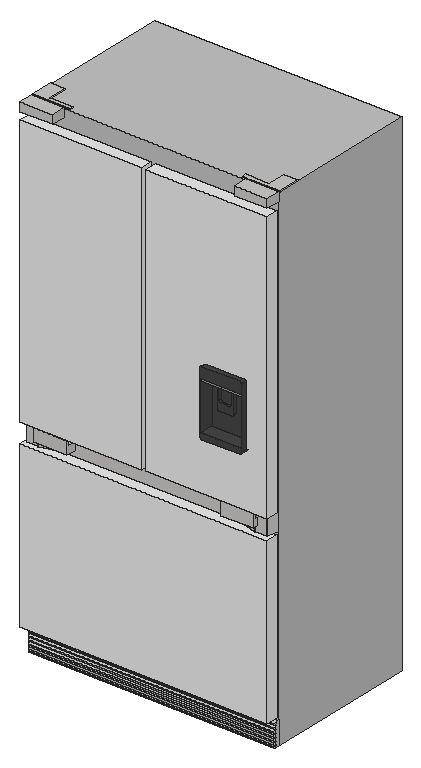
Revit family "FP_Revit_18_RS90AU1_Fridge_90001177A", category Specialty Equipment, Revit 2018 (continued)
Definition of nested family "F&P Handle Kit - Contemporary Round - Horizontal"
  Lines and regions (mm)
    sketch lines
      curve 5: arc (-373, -32.3, 8.7) -> (-373, -41, 0) -> (-373, -32.3, -8.7) r 8.7
      curve 6: line (-373, 0, -8.7) -> (-373, -32.3, -8.7)
  Dimensions and locks
    equal spacing: plane 4 "Product LHS", plane 3 "Center (Left/Right)", plane 5 "Product RHS"
    "Product - Width": plane 4 "Product LHS" to plane 5 "Product RHS"
    locked: plane 4 "Product LHS" to plane 6 "LHS Standoff" at 120.005
    locked: plane 7 "RHS Standoff" to plane 5 "Product RHS" at 119.995
    equal spacing: Extrusion 2 sketch curve, level, Extrusion 2 sketch curve
    Extrusion 3 sketch curve to Extrusion 3 sketch curve = 17.4 mm
    Extrusion 6 sketch curve to Extrusion 6 sketch curve = 17.4 mm
    Extrusion 7 sketch curve to Extrusion 7 sketch curve = 17.4 mm
    aligned and locked: level to plane 2
    aligned and locked: plane 7 "RHS Standoff" to Extrusion 1
    aligned and locked: Extrusion 2 to Extrusion 1
    aligned and locked: Extrusion 2 to plane 5 "Product RHS"
    aligned and locked: plane 4 "Product LHS" to Extrusion 3
    aligned and locked: plane 6 "LHS Standoff" to Extrusion 3
    aligned and locked: Extrusion 1 to plane 6 "LHS Standoff"
    aligned and locked: Extrusion 6 to Extrusion 1
    aligned and locked: Extrusion 6 to plane 5 "Product RHS"
    aligned and locked: plane 4 "Product LHS" to Extrusion 7
    aligned and locked: Extrusion 7 to Extrusion 1
  Automatic sketch dimensions
    Extrusion 1 sketch curve to level = 0 mm
    plane 1 "Center (Front/Back)" to Extrusion 1 sketch curve = 32.3 mm
    Extrusion 2 sketch curve to plane 1 "Center (Front/Back)" = 0 mm
    Extrusion 2 sketch curve to level = 8.7 mm
    plane 1 "Center (Front/Back)" to Extrusion 2 sketch curve = 32.3 mm
    Extrusion 3 sketch curve to level = 0 mm
    Extrusion 3 sketch curve to plane 1 "Center (Front/Back)" = 0 mm
    Extrusion 3 sketch curve to level = 8.7 mm
    plane 1 "Center (Front/Back)" to Extrusion 3 sketch curve = 32.3 mm
    Sweep 4 sketch curve to profile plane = 0 mm
    profile plane to Sweep 4 sketch curve = 0 mm
    profile plane to Sweep 4 sketch curve = 1 mm
    Sweep 4 sketch curve to profile plane = 1 mm
    Sweep 5 sketch curve to profile plane = 0 mm  (x2)
    profile plane to Sweep 5 sketch curve = 1 mm
    Sweep 5 sketch curve to profile plane = 1 mm
    Extrusion 6 sketch curve to level = 0 mm
    level to Extrusion 6 sketch curve = 8.7 mm
    plane 1 "Center (Front/Back)" to Extrusion 6 sketch curve = 32.3 mm
    Extrusion 6 sketch curve to Extrusion 6 sketch curve = 32.3 mm
    Extrusion 7 sketch curve to level = 0 mm
    level to Extrusion 7 sketch curve = 8.7 mm
    plane 1 "Center (Front/Back)" to Extrusion 7 sketch curve = 32.3 mm
    Extrusion 7 sketch curve to Extrusion 7 sketch curve = 32.3 mm
    radius of Extrusion 1 sketch curve = 8.7 mm
Definition of nested family "F&P Handle Kit - Contemporary Round - Vertical"
  Parameters (values of type "25374 AHS-ASBI-A - Contemporary round handle (1 of 2) (Vertical) 727mm")
    URL = "www.fisherpaykel.com"
    Material - Handle = none
    Manufacturer = "Fisher & Paykel Appliances"
    Handle - Length = 727 mm
    Description = "Kit for RS36"
  Types (10, lengths in mm): name | Handle - Length | Description
    AHS-RD21 - Contemporary round handle (Vertical) 852mm | 852 | ""
    AHSRD2484W - Contemporary round handle (1 of 2) (Vertical) 727mm | 727 | ""
    AHSRD3084W - Contemporary round handle (1 of 2) (Vertical) 727mm | 727 | ""
    AHS-RD84 - Contemporary round handle (Vertical) 852mm | 852 | ""
    AHSRS3272A - Contemporary round handle (1 of 2) (Vertical) 727mm | 727 | ""
    AHSRS80A - Contemporary round handle (1 of 2) (Vertical) 727mm | 727 | ""
    AHSRD6121W - Contemporary round handle (1 of 2) (Vertical) 727mm | 727 | ""
    AHSRD7621W - Contemporary round handle (1 of 2) (Vertical) 727mm | 727 | ""
    25329 AHS-ASBI-A - Contemporary round handle (1 of 2) (Vertical) 727mm | 727 | "Kit for RS90"
    25374 AHS-ASBI-A - Contemporary round handle (1 of 2) (Vertical) 727mm | 727 | "Kit for RS36"
  Reference planes
    plane 1 "Center (Front/Back)": y = 0
    plane 2: z = 0
    plane 3 "Center (Left/Right)": x = 0
    plane 4 "Top": z = 363.5
    plane 5 "Bottom": z = -363.5
    plane 6 "Top Standoff": z = 243.5
    plane 7 "Bottom Standoff": z = -243.5
  Forms (mm)
    Extrusion 1, solid, material <- "Material - Handle"
      sketch origin (0, 0, 0) x (1, 0, 0) y (0, 1, 0)
        loop
          circle (0, -32.3) r 8.7
      from -243.5 to 243.5
    Extrusion 2, solid, material <- "Material - Handle", detail levels fine
      sketch origin (0, 0, 0) x (1, 0, 0) y (0, 1, 0)
        loop
          line (-8.7, 0) -> (-8.7, -32.3)
          arc (-8.7, -32.3) -> (0, -41) -> (8.7, -32.3) r 8.7
          line (8.7, -32.3) -> (8.7, 0) -> (-8.7, 0)
      from 243.5 to 363.5
    Extrusion 3, solid, material <- "Material - Handle", detail levels fine
      sketch origin (0, 0, 0) x (1, 0, 0) y (0, 1, 0)
        loop
          line (-8.7, 0) -> (-8.7, -32.3)
          arc (-8.7, -32.3) -> (0, -41) -> (8.7, -32.3) r 8.7
          line (8.7, -32.3) -> (8.7, 0) -> (-8.7, 0)
      from -363.5 to -243.5
    Sweep 4, void
      path in 3D
        loop
          line (8.7, 0, -363.5) -> (8.7, -32.3, -363.5)
          arc (8.7, -32.3, -363.5) -> (0, -41, -363.5) -> (-8.7, -32.3, -363.5) r 8.7
          line (-8.7, -32.3, -363.5) -> (-8.7, 0, -363.5)
      profile origin (8.7, -16.15, -363.5) x (-1, 0, 0) y (0, 0, -1)
        loop
          line (0, 0) -> (0, -1) -> (1, 0) -> (0, 0)
    Sweep 5, void
      path in 3D
        loop
          line (-8.7, 0, 363.5) -> (-8.7, -32.3, 363.5)
          arc (-8.7, -32.3, 363.5) -> (0, -41, 363.5) -> (8.7, -32.3, 363.5) r 8.7
          line (8.7, -32.3, 363.5) -> (8.7, 0, 363.5)
      profile origin (8.7, -16.15, 363.5) x (-1, 0, 0) y (0, 0, 1)
        loop
          line (0, 0) -> (0, -1) -> (1, 0) -> (0, 0)
    Extrusion 6, solid, material <- "Material - Handle", detail levels coarse+medium
      sketch origin (0, 0, 0) x (1, 0, 0) y (0, 1, 0)
        loop
          line (-8.7, 0) -> (-8.7, -32.3)
          arc (-8.7, -32.3) -> (0, -41) -> (8.7, -32.3) r 8.7
          line (8.7, -32.3) -> (8.7, 0) -> (-8.7, 0)
      from 243.5 to 363.5
    Extrusion 7, solid, material <- "Material - Handle", detail levels coarse+medium
      sketch origin (0, 0, 0) x (1, 0, 0) y (0, 1, 0)
        loop
          line (-8.7, 0) -> (-8.7, -32.3)
          arc (-8.7, -32.3) -> (0, -41) -> (8.7, -32.3) r 8.7
          line (8.7, -32.3) -> (8.7, 0) -> (-8.7, 0)
      from -363.5 to -243.5
  Cuts and joins
    Sweep 4 cuts Extrusion 3
    Sweep 5 cuts Extrusion 2
  Lines and regions (mm)
    sketch lines
      curve 1: line (8.7, 0, -363.5) -> (8.7, -32.3, -363.5)
      curve 2: arc (-8.7, -32.3, -363.5) -> (0, -41, -363.5) -> (8.7, -32.3, -363.5) r 8.7
      curve 3: line (-8.7, -32.3, -363.5) -> (-8.7, 0, -363.5)
      curve 4: line (8.7, -32.3, 363.5) -> (8.7, 0, 363.5)
      curve 5: arc (8.7, -32.3, 363.5) -> (0, -41, 363.5) -> (-8.7, -32.3, 363.5) r 8.7
      curve 6: line (-8.7, 0, 363.5) -> (-8.7, -32.3, 363.5)
  Dimensions and locks
    equal spacing: plane 4 "Top", level, plane 5 "Bottom"
    "Handle - Length": plane 4 "Top" to plane 5 "Bottom"
    locked: plane 4 "Top" to plane 6 "Top Standoff" at 120
    locked: plane 7 "Bottom Standoff" to plane 5 "Bottom" at 120
    Extrusion 2 sketch curve to Extrusion 2 sketch curve = 17.4 mm
    Extrusion 3 sketch curve to Extrusion 3 sketch curve = 17.4 mm
    Extrusion 6 sketch curve to Extrusion 6 sketch curve = 17.4 mm
    Extrusion 7 sketch curve to Extrusion 7 sketch curve = 17.4 mm
    aligned and locked: level to plane 2
    aligned and locked: plane 4 "Top" to Extrusion 2
    aligned and locked: Extrusion 3 to plane 5 "Bottom"
    aligned and locked: plane 7 "Bottom Standoff" to Extrusion 3
    aligned and locked: Extrusion 1 to plane 7 "Bottom Standoff"
    aligned and locked: plane 6 "Top Standoff" to Extrusion 1
    aligned and locked: Extrusion 2 to Extrusion 1
    aligned and locked: Extrusion 6 to Extrusion 1
    aligned and locked: plane 4 "Top" to Extrusion 6
    aligned and locked: Extrusion 7 to Extrusion 1
    aligned and locked: Extrusion 7 to plane 5 "Bottom"
  Automatic sketch dimensions
    Extrusion 1 sketch curve to plane 3 "Center (Left/Right)" = 0 mm
    plane 1 "Center (Front/Back)" to Extrusion 1 sketch curve = 32.3 mm
    plane 1 "Center (Front/Back)" to Extrusion 2 sketch curve = 0 mm
    Extrusion 2 sketch curve to plane 3 "Center (Left/Right)" = 0 mm
    Extrusion 2 sketch curve to plane 3 "Center (Left/Right)" = 8.7 mm
    plane 1 "Center (Front/Back)" to Extrusion 2 sketch curve = 32.3 mm
    plane 1 "Center (Front/Back)" to Extrusion 3 sketch curve = 0 mm
    Extrusion 3 sketch curve to plane 3 "Center (Left/Right)" = 0 mm
    Extrusion 3 sketch curve to plane 3 "Center (Left/Right)" = 8.7 mm
    plane 1 "Center (Front/Back)" to Extrusion 3 sketch curve = 32.3 mm
    Sweep 4 sketch curve to profile plane = 0 mm  (x2)
    Sweep 4 sketch curve to profile plane = 1 mm  (x2)
    Sweep 5 sketch curve to profile plane = 0 mm  (x2)
    Sweep 5 sketch curve to profile plane = 1 mm  (x2)
    Extrusion 6 sketch curve to plane 3 "Center (Left/Right)" = 0 mm
    Extrusion 6 sketch curve to plane 3 "Center (Left/Right)" = 8.7 mm
    plane 1 "Center (Front/Back)" to Extrusion 6 sketch curve = 32.3 mm
    Extrusion 6 sketch curve to Extrusion 6 sketch curve = 32.3 mm
    Extrusion 7 sketch curve to plane 3 "Center (Left/Right)" = 0 mm
    Extrusion 7 sketch curve to plane 3 "Center (Left/Right)" = 8.7 mm
    plane 1 "Center (Front/Back)" to Extrusion 7 sketch curve = 32.3 mm
    Extrusion 7 sketch curve to Extrusion 7 sketch curve = 32.3 mm
    radius of Extrusion 1 sketch curve = 8.7 mm
Definition of nested family "F&P Handle Kit - Contemporary Square Fine - Horizontal"
  Parameters (values of type "AHD5RD80AB - Contemporary square fine black handle (2 of 2) (Horizontal) 646mm")
    URL = "www.fisherpaykel.com"
    Material - Handle = none
    Manufacturer = "Fisher & Paykel Appliances"
    Handle - Length = 646 mm
  Types (14, lengths in mm): name | Handle - Length
    AHD5RD2484W - Contemporary square fine handle (2 of 2) (Horizontal) 494mm | 494
    AHD5RD2484WB - Contemporary square fine black handle (2 of 2) (Horizontal) 494mm | 494
    AHD5RD3084W - Contemporary square fine handle (2 of 2) (Horizontal) 646mm | 646
    AHD5RD3084WB - Contemporary square fine black handle (2 of 2) (Horizontal) 646mm | 646
    AHD5RD7621W - Contemporary square fine handle (2 of 2) (Horizontal) 646mm | 646
    AHD5RD7621WB - Contemporary square fine handle black (2 of 2) (Horizontal) 646mm | 646
    AHD5RD6121W - Contemporary square fine handle (2 of 2) (Horizontal) 494mm | 494
    AHD5RD6121WB - Contemporary square fine handle black (2 of 2) (Horizontal) 494mm | 494
    AHD5RD36A - Contemporary square fine handle (2 of 2) (Horizontal) 746mm | 746
    AHD5RD36AB - Contemporary square fine black handle (2 of 2) (Horizontal) 746mm | 746
    AHD5RD90A - Contemporary square fine handle (2 of 2) (Horizontal) 746mm | 746
    AHD5RD80A - Contemporary square fine handle (2 of 2) (Horizontal) 646mm | 646
    AHD5RD80AB - Contemporary square fine black handle (2 of 2) (Horizontal) 646mm | 646
    AHD5RD90AB - Contemporary square fine black handle (2 of 2) (Horizontal) 746mm | 746
  Reference planes
    plane 1 "Center (Front/Back)": y = 0
    plane 2: z = 0
    plane 3 "Center (Left/Right)": x = 0
    plane 4 "Product LHS": x = -323
    plane 5 "Product RHS": x = 323
    plane 6 "LHS Standoff": x = -202.995
    plane 7 "RHS Standoff": x = 203.005
  Forms (mm)
    Extrusion 1, solid, material <- "Material - Handle", detail levels fine
      sketch origin (0, 0, 0) x (0, 1, 0) y (0, 0, 1)
        loop
          arc (-26.813, 6.16) -> (-27.196, 6.554) -> (-27.728, 6.686) r 1
          line (-27.728, 6.686) -> (-40.035, 6.256)
          arc (-40.035, 6.256) -> (-40.719, 5.951) -> (-41, 5.257) r 1
          line (-41, 5.257) -> (-41, -5.257)
          arc (-41, -5.257) -> (-40.719, -5.951) -> (-40.035, -6.256) r 1
          line (-40.035, -6.256) -> (-27.709, -6.686)
          arc (-27.709, -6.686) -> (-27.175, -6.554) -> (-26.792, -6.158) r 1
          arc (-26.792, -6.158) -> (-25.256, 0.004) -> (-26.813, 6.16) r 13.038
      from -323 to 323
    Extrusion 2, solid, material <- "Material - Handle", detail levels fine
      sketch origin (0, 0, 0) x (0, 1, 0) y (0, 0, 1)
        loop
          arc (-26.626, -6.008) -> (-26.614, -6.49) -> (-26.2, -6.737) r 0.5
          line (-26.2, -6.737) -> (0, -7.696) -> (0, 7.704) -> (-26.174, 6.747)
          arc (-26.174, 6.747) -> (-26.587, 6.5) -> (-26.6, 6.019) r 0.5
          arc (-26.6, 6.019) -> (-25.156, 0.002) -> (-26.626, -6.008) r 13.136
      from 203.005 to 323
    Extrusion 3, solid, material <- "Material - Handle", detail levels coarse+medium
      sketch origin (0, 0, 0) x (1, 0, 0) y (0, 1, 0)
        loop
          line (-323, -42) -> (323, -42) -> (323, 0) -> (203.005, 0) -> (203.005, -26.156) -> (-202.995, -26.156) -> (-202.995, 0) -> (-323, 0) -> (-323, -42)
      from -8.022 to 7.978
    Extrusion 4, solid, material <- "Material - Handle", detail levels fine
      sketch origin (0, 0, 0) x (0, 1, 0) y (0, 0, 1)
        loop
          arc (-26.626, -6.008) -> (-26.614, -6.49) -> (-26.2, -6.737) r 0.5
          line (-26.2, -6.737) -> (0, -7.696) -> (0, 7.704) -> (-26.174, 6.747)
          arc (-26.174, 6.747) -> (-26.587, 6.5) -> (-26.6, 6.019) r 0.5
          arc (-26.6, 6.019) -> (-25.156, 0.002) -> (-26.626, -6.008) r 13.136
      from -323 to -202.995
  Dimensions and locks
    equal spacing: plane 4 "Product LHS", plane 3 "Center (Left/Right)", plane 5 "Product RHS"
    "Handle - Length": plane 4 "Product LHS" to plane 5 "Product RHS"
    locked: plane 4 "Product LHS" to plane 6 "LHS Standoff" at 120.005
    locked: plane 7 "RHS Standoff" to plane 5 "Product RHS" at 119.995
    aligned and locked: level to plane 2
    aligned and locked: Extrusion 1 to plane 5 "Product RHS"
    aligned and locked: plane 4 "Product LHS" to Extrusion 1
    aligned and locked: Extrusion 2 to plane 5 "Product RHS"
    aligned and locked: plane 4 "Product LHS" to Extrusion 3 sketch curve
    aligned and locked: Extrusion 3 sketch curve to plane 5 "Product RHS"
    aligned and locked: Extrusion 3 sketch curve to plane 7 "RHS Standoff"
    aligned and locked: plane 6 "LHS Standoff" to Extrusion 3 sketch curve
    aligned and locked: plane 4 "Product LHS" to Extrusion 4
    aligned and locked: plane 6 "LHS Standoff" to Extrusion 4
    aligned and locked: Extrusion 2 to plane 7 "RHS Standoff"
  Automatic sketch dimensions
    Extrusion 1 sketch curve to level = 5.257 mm
    plane 1 "Center (Front/Back)" to Extrusion 1 sketch curve = 41 mm
    level to Extrusion 1 sketch curve = 6.256 mm
    Extrusion 1 sketch curve to Extrusion 1 sketch curve = 0.965 mm  (x2)
    Extrusion 1 sketch curve to level = 6.256 mm
    Extrusion 1 sketch curve to Extrusion 1 sketch curve = 0.035 mm  (x3)
    Extrusion 1 sketch curve to level = 0.018 mm
    Extrusion 1 sketch curve to Extrusion 1 sketch curve = 1.706 mm
    level to Extrusion 1 sketch curve = 6.686 mm
    Extrusion 1 sketch curve to Extrusion 1 sketch curve = 12.307 mm
    Extrusion 1 sketch curve to level = 6.686 mm
    Extrusion 1 sketch curve to Extrusion 1 sketch curve = 12.326 mm
    Extrusion 1 sketch curve to Extrusion 1 sketch curve = 0.999 mm  (x2)
    Extrusion 1 sketch curve to Extrusion 1 sketch curve = 0 mm
    Extrusion 2 sketch curve to plane 1 "Center (Front/Back)" = 0 mm
    level to Extrusion 2 sketch curve = 6.247 mm
    plane 1 "Center (Front/Back)" to Extrusion 2 sketch curve = 26.155 mm
    level to Extrusion 2 sketch curve = 6.747 mm
    Extrusion 2 sketch curve to Extrusion 2 sketch curve = 0.018 mm  (x2)
    Extrusion 2 sketch curve to level = 6.238 mm
    Extrusion 2 sketch curve to Extrusion 2 sketch curve = 0.026 mm
    Extrusion 2 sketch curve to level = 6.737 mm
    level to Extrusion 2 sketch curve = 0.03 mm
    Extrusion 2 sketch curve to Extrusion 2 sketch curve = 12.11 mm
    Extrusion 2 sketch curve to level = 7.696 mm
    level to Extrusion 2 sketch curve = 7.704 mm
    Extrusion 2 sketch curve to Extrusion 2 sketch curve = 0 mm
    plane 1 "Center (Front/Back)" to Extrusion 3 sketch curve = 42 mm
    Extrusion 3 sketch curve to Extrusion 3 sketch curve = 15.844 mm
    Extrusion 3 sketch curve to Extrusion 3 sketch curve = 26.156 mm  (x2)
    level to Extrusion 4 sketch curve = 0.03 mm
    plane 1 "Center (Front/Back)" to Extrusion 4 sketch curve = 38.291 mm
    Extrusion 4 sketch curve to level = 6.737 mm
    Extrusion 4 sketch curve to Extrusion 4 sketch curve = 12.091 mm
    Extrusion 4 sketch curve to Extrusion 4 sketch curve = 0.018 mm  (x2)
    level to Extrusion 4 sketch curve = 6.747 mm
    Extrusion 4 sketch curve to Extrusion 4 sketch curve = 0.008 mm
    level to Extrusion 4 sketch curve = 7.704 mm
    Extrusion 4 sketch curve to Extrusion 4 sketch curve = 26.174 mm
    Extrusion 4 sketch curve to level = 7.696 mm
    Extrusion 4 sketch curve to Extrusion 4 sketch curve = 0.5 mm  (x2)
    Extrusion 4 sketch curve to Extrusion 4 sketch curve = 0 mm
Definition of nested family "F&P Handle Kit - Contemporary Square Fine - Vertical"
  Parameters (values of type "AHD5RD90AB - Contemporary square fine black handle (1 of 2) (Vertical) 727mm")
    URL = "www.fisherpaykel.com"
    Material - Handle = none
    Manufacturer = "Fisher & Paykel Appliances"
    Handle - Length = 727 mm
  Types (14): name
    AHD5RD2484W - Contemporary square fine handle (1 of 2) (Vertical) 727mm
    AHD5RD2484WB - Contemporary square fine black handle (1 of 2) (Vertical) 727mm
    AHD5RD3084W - Contemporary square fine handle (1 of 2) (Vertical) 727mm
    AHD5RD3084WB - Contemporary square fine black handle (1 of 2) (Vertical) 727mm
    AHD5RD6121W - Contemporary square fine handle (1 of 2) (Vertical) 727mm
    AHD5RD6121WB - Contemporary square fine black handle (1 of 2) (Vertical) 727mm
    AHD5RD7621W - Contemporary square fine handle (1 of 2) (Vertical) 727mm
    AHD5RD7621WB - Contemporary square fine black handle (1 of 2) (Vertical) 727mm
    AHD5RD36A - Contemporary square fine handle (1 of 2) (Vertical) 727mm
    AHD5RD36AB - Contemporary square fine black handle (1 of 2) (Vertical) 727mm
    AHD5RD80A - Contemporary square fine handle (1 of 2) (Vertical) 727mm
    AHD5RD90A - Contemporary square fine handle (1 of 2) (Vertical) 727mm
    AHD5RD80AB - Contemporary square fine black handle (1 of 2) (Vertical) 727mm
    AHD5RD90AB - Contemporary square fine black handle (1 of 2) (Vertical) 727mm
  Reference planes
    plane 1 "Center (Front/Back)": y = 0
    plane 2: z = 0
    plane 3 "Center (Left/Right)": x = 0
    plane 4 "Top": z = 363.5
    plane 5 "Bottom": z = -363.5
    plane 6 "Top Standoff": z = 243.5
    plane 7 "Bottom Standoff": z = -243.5
  Forms (mm)
    Extrusion 1, solid, material <- "Material - Handle", detail levels fine
      sketch origin (0, 0, 0) x (1, 0, 0) y (0, 1, 0)
        loop
          arc (-6.16, -26.813) -> (-6.554, -27.196) -> (-6.686, -27.728) r 1
          line (-6.686, -27.728) -> (-6.256, -40.035)
          arc (-6.256, -40.035) -> (-5.951, -40.719) -> (-5.257, -41) r 1
          line (-5.257, -41) -> (5.257, -41)
          arc (5.257, -41) -> (5.951, -40.719) -> (6.256, -40.035) r 1
          line (6.256, -40.035) -> (6.686, -27.709)
          arc (6.686, -27.709) -> (6.554, -27.175) -> (6.158, -26.792) r 1
          arc (6.158, -26.792) -> (-0.004, -25.256) -> (-6.16, -26.813) r 13.038
      from -363.5 to 363.5
    Extrusion 2, solid, material <- "Material - Handle", detail levels fine
      sketch origin (0, 0, 0) x (1, 0, 0) y (0, 1, 0)
        loop
          arc (6.012, -26.626) -> (6.494, -26.614) -> (6.741, -26.2) r 0.5
          line (6.741, -26.2) -> (7.7, 0) -> (-7.7, 0) -> (-6.742, -26.174)
          arc (-6.742, -26.174) -> (-6.496, -26.587) -> (-6.015, -26.6) r 0.5
          arc (-6.015, -26.6) -> (0.002, -25.156) -> (6.012, -26.626) r 13.136
      from 243.5 to 363.5
    Extrusion 3, solid, material <- "Material - Handle", detail levels coarse+medium
      sketch origin (0, 0, 0) x (0, 1, 0) y (0, 0, 1)
        loop
          line (0, 363.5) -> (-42, 363.5) -> (-42, -363.5) -> (0, -363.5) -> (0, -243.5) -> (-26.245, -243.5) -> (-26.245, 243.5) -> (0, 243.5) -> (0, 363.5)
      from -8 to 8
    Extrusion 4, solid, material <- "Material - Handle", detail levels fine
      sketch origin (0, 0, 0) x (1, 0, 0) y (0, 1, 0)
        loop
          arc (6.012, -26.626) -> (6.494, -26.614) -> (6.741, -26.2) r 0.5
          line (6.741, -26.2) -> (7.7, 0) -> (-7.7, 0) -> (-6.742, -26.174)
          arc (-6.742, -26.174) -> (-6.496, -26.587) -> (-6.015, -26.6) r 0.5
          arc (-6.015, -26.6) -> (0.002, -25.156) -> (6.012, -26.626) r 13.136
      from -363.5 to -243.5
  Dimensions and locks
    equal spacing: plane 4 "Top", level, plane 5 "Bottom"
    "Handle - Length": plane 4 "Top" to plane 5 "Bottom"
    locked: plane 4 "Top" to plane 6 "Top Standoff" at 120
    locked: plane 7 "Bottom Standoff" to plane 5 "Bottom" at 120
    aligned and locked: level to plane 2
    aligned and locked: plane 4 "Top" to Extrusion 2
    aligned and locked: Extrusion 2 to plane 6 "Top Standoff"
    aligned and locked: plane 4 "Top" to Extrusion 1
    aligned and locked: Extrusion 1 to plane 5 "Bottom"
    aligned and locked: plane 4 "Top" to Extrusion 3 sketch curve
    aligned and locked: plane 6 "Top Standoff" to Extrusion 3 sketch curve
    aligned and locked: plane 7 "Bottom Standoff" to Extrusion 3 sketch curve
    aligned and locked: plane 5 "Bottom" to Extrusion 3 sketch curve
    aligned and locked: Extrusion 4 to plane 5 "Bottom"
    aligned and locked: plane 7 "Bottom Standoff" to Extrusion 4
  Automatic sketch dimensions
    Extrusion 1 sketch curve to plane 3 "Center (Left/Right)" = 6.686 mm
    Extrusion 1 sketch curve to plane 3 "Center (Left/Right)" = 6.256 mm
    Extrusion 1 sketch curve to Extrusion 1 sketch curve = 0.999 mm  (x4)
    plane 3 "Center (Left/Right)" to Extrusion 1 sketch curve = 0.018 mm
    plane 3 "Center (Left/Right)" to Extrusion 1 sketch curve = 5.257 mm
    plane 3 "Center (Left/Right)" to Extrusion 1 sketch curve = 5.687 mm
    plane 1 "Center (Front/Back)" to Extrusion 1 sketch curve = 41 mm
    Extrusion 1 sketch curve to Extrusion 1 sketch curve = 0.965 mm  (x2)
    Extrusion 1 sketch curve to Extrusion 1 sketch curve = 1.706 mm
    Extrusion 1 sketch curve to Extrusion 1 sketch curve = 12.307 mm
    Extrusion 1 sketch curve to Extrusion 1 sketch curve = 12.326 mm
    Extrusion 1 sketch curve to Extrusion 1 sketch curve = 0.035 mm  (x2)
    Extrusion 1 sketch curve to Extrusion 1 sketch curve = 0 mm
    plane 1 "Center (Front/Back)" to Extrusion 2 sketch curve = 0 mm
    Extrusion 2 sketch curve to plane 3 "Center (Left/Right)" = 7.7 mm
    Extrusion 2 sketch curve to plane 3 "Center (Left/Right)" = 6.742 mm
    Extrusion 2 sketch curve to Extrusion 2 sketch curve = 0.5 mm  (x2)
    Extrusion 2 sketch curve to plane 3 "Center (Left/Right)" = 0.026 mm
    plane 3 "Center (Left/Right)" to Extrusion 2 sketch curve = 6.242 mm
    plane 3 "Center (Left/Right)" to Extrusion 2 sketch curve = 7.7 mm
    plane 1 "Center (Front/Back)" to Extrusion 2 sketch curve = 26.155 mm
    Extrusion 2 sketch curve to Extrusion 2 sketch curve = 0.018 mm  (x2)
    Extrusion 2 sketch curve to Extrusion 2 sketch curve = 0.026 mm
    Extrusion 2 sketch curve to Extrusion 2 sketch curve = 12.11 mm
    Extrusion 2 sketch curve to Extrusion 2 sketch curve = 0 mm
    plane 1 "Center (Front/Back)" to Extrusion 3 sketch curve = 42 mm
    Extrusion 3 sketch curve to Extrusion 3 sketch curve = 15.755 mm
    Extrusion 3 sketch curve to Extrusion 3 sketch curve = 42 mm  (x2)
    Extrusion 4 sketch curve to plane 3 "Center (Left/Right)" = 7.7 mm
    Extrusion 4 sketch curve to plane 3 "Center (Left/Right)" = 6.742 mm
    Extrusion 4 sketch curve to Extrusion 4 sketch curve = 0.5 mm  (x2)
    Extrusion 4 sketch curve to plane 3 "Center (Left/Right)" = 0.026 mm
    plane 3 "Center (Left/Right)" to Extrusion 4 sketch curve = 6.242 mm
    plane 3 "Center (Left/Right)" to Extrusion 4 sketch curve = 7.7 mm
    plane 1 "Center (Front/Back)" to Extrusion 4 sketch curve = 38.291 mm
    Extrusion 4 sketch curve to Extrusion 4 sketch curve = 12.091 mm
    Extrusion 4 sketch curve to Extrusion 4 sketch curve = 0.018 mm  (x2)
    Extrusion 4 sketch curve to Extrusion 4 sketch curve = 0.452 mm
    Extrusion 4 sketch curve to Extrusion 4 sketch curve = 26.174 mm
    Extrusion 4 sketch curve to Extrusion 4 sketch curve = 0 mm
Definition of nested family "Comment Marker 2D"
  Types (3): name
    New
    Resolved
    Active
  Reference planes
    plane 1: y = 0
    plane 2: x = 0
  Text (mm)
    text "Edit Type: \nTo control handle kit \nand door panel visibility\n options\n\nDelete unwanted kits \nto reduce file size" at (-0.165, 35.556, 0)
